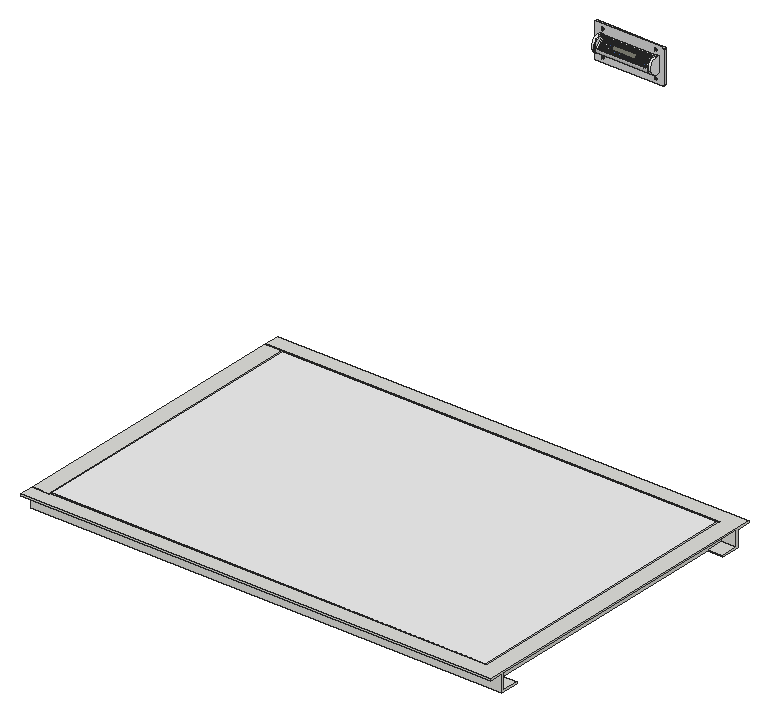
Revit family "Scale-SR_Scales-SR463iR-4", category Specialty Equipment, Revit 2020
Family settings
  Round Connector Dimension = Use Diameter
  Part Type = Normal
  OmniClass Number = 23.40.70.11.14.11
  OmniClass Title = Medical Equipment
  Work Plane-Based = No
  Always vertical = Yes
  Cut with Voids When Loaded = No
  Shared = No
  Room Calculation Point = No
Parameters (values of type "SR463iR-4")
  Wall Plate Center Elevation = 53"
  URL = "http://www.srinstruments.com/"
  Show Printer = no
  Show Handrail = no
  Frame Distance to Wall = 12"  # constant formula
  Product Page URL = "https://srinstruments.com/scales/SR463iR4"
  Power Supply = "110v AC, 50 - 60 Hz"  # constant formula
  Platform Width = 71 1/2"
  Platform Size = "48'' x 72'' (122 cm x 183 cm)"  # constant formula
  Platform Depth = 47 1/2"
  Pit Depth = 3"
  Model = "SR463iR-4"
  Maximum Weight Capacity = "1000 lbs or 454 kg"  # constant formula
  Manufacturer Phone Number = "1.800.654.6360"  # constant formula
  Manufacturer Email Contact = "mailto:info-request@srinstruments.com?Subject=Revit Inquiry"
  Manufacturer Address 1 = "600 Young Street"  # constant formula
  Manufacturer Address  2 = "Tonawanda, NY 14150"  # constant formula
  Manufacturer = "SR Scales by SR Instruments, Inc."
  Display Type = "16-Character Dot-Matrix LCD"  # constant formula
  Display Resolution = "0.1 lb / 0.1 kg"  # constant formula
  Description = "48\" x 72\" In-Floor Platform Scale"
  Default Elevation = 0"
  Creator URL = "http://www.revituspro.com/"
  Created By = "Revitus"  # constant formula
  Copyright Notice = "© SR Instruments, Inc.  All Rights Reserved."  # constant formula
  Control Panel Offset from Center = 12"
  Calibration = "Traceable to NIST Standards"  # constant formula
  BIM Version Available (Earliest) = "2017"  # constant formula
  BIM Version = "v3.1"  # constant formula
  Averaging = "Automatic Digital Filter"  # constant formula
  Auto Zero = "One Button Auto-Tare"  # constant formula
  Auto Power Down = "30 to 300 Seconds"  # constant formula
  Assembly Code = "E1020810"
Types (5): name | Show Printer | Show Handrail | Model | Description
  (no name) | no | no | "SR463iR-4" | "48\" x 72\" In-Floor Platform Scale"
  SR463iR-4 | no | no | "SR463iR-4" | "48\" x 72\" In-Floor Platform Scale"
  SR463iR-4P | yes | no | "SR463iR-4P" | "48\" x 72\" In-Floor Platform Scale with Printer"
  SR463iR-4H | no | yes | "SR463iR-4H" | "48\" x 72\" In-Floor Platform Scale with Handrail"
  SR463iR-4PH | yes | yes | "SR463iR-4PH" | "48\" x 72\" In-Floor Platform Scale with Printer and Handrail"
Reference planes (in)
  plane 1 "Face of Wall": y = 0
  plane 2: z = 0
  plane 3 "Center (Left/Right)": x = 0
  plane 4 "Platform - Left": x = -35.75
  plane 5 "Platform - Right": x = 35.75
  plane 6 "Platform - Front": y = -59.5
  plane 7 "Platform - Back": y = -12
  plane 8 "Top": z = 33.625
  plane 9 "Left": x = -38.75
  plane 10 "Right": x = 38.75
  plane 11 "Frame - Front": y = -62.25
  plane 12 "Frame - Bottom": z = -2.75
  plane 13 "Platform - Top": z = 0.25
  plane 14 "Frame Front Rail - Back": y = -57
  plane 15: y = -59.75
  plane 16: z = -2.5
  plane 17: y = -60
  plane 18: y = -9.25
  plane 19: y = -14.5
  plane 20: y = -11.75
  plane 21: y = -11.5
  plane 22 "Platform - Bottom": z = -0.75
  plane 23: x = -36.25
  plane 24: x = -36
  plane 25: x = -33.25
  plane 26: x = 36.25
  plane 27: x = 36
  plane 28: x = 33.25
  plane 29 "Handrail - Left": x = -33.875
  plane 30 "Handrail - Right": x = 33.875
  plane 31 "Handrail Centerline (Front/Back)": y = -13.25
  plane 32: x = 12
  plane 33: x = -32.375
  plane 34: x = -35.375
  plane 35: x = 32.375
  plane 36: x = 35.375
  plane 37 "Handrail Floor Plate - Top": z = 0.5
  plane 38: y = -12.125
  plane 39: y = -14.375
Forms (in)
  Extrusion 1, solid, material "SR Scales - Platform", detail levels medium+fine
    sketch origin (0, 0, 0) x (1, 0, 0) y (0, 0, 1)
      loop
        line (-35.75, 0.25) -> (-35.75, -0.75) -> (35.75, -0.75) -> (35.75, 0.25) -> (-35.75, 0.25)
    from 12 to 59.5
  Extrusion 2, solid, material "SR Scales - Frame", detail levels medium+fine
    sketch origin (0, 0, 0) x (1, 0, 0) y (0, 0, 1)
      loop
        line (-38.75, 0.25) -> (-38.75, 0) -> (-36.25, 0) -> (-36.25, -2.75) -> (-33.25, -2.75) -> (-33.25, -2.5) -> (-36, -2.5) -> (-36, 0.25) -> (-38.75, 0.25)
    from 11.75 to 59.75
  Extrusion 3, solid, material "SR Scales - Frame", detail levels medium+fine
    sketch origin (0, 0, 0) x (0, 1, 0) y (0, 0, 1)
      loop
        line (-62.25, 0) -> (-60, 0) -> (-60, -2.75) -> (-57, -2.75) -> (-57, -2.5) -> (-59.75, -2.5) -> (-59.75, 0.25) -> (-62.25, 0.25) -> (-62.25, 0)
    from -38.75 to 38.75
  Extrusion 4, solid, material "SR Scales - Frame", detail levels medium+fine
    sketch origin (0, -44, 0) x (0, -1, 0) y (0, 0, -1)
      loop
        line (-34.75, 0) -> (-34.75, -0.25) -> (-32.25, -0.25) -> (-32.25, 2.5) -> (-29.5, 2.5) -> (-29.5, 2.75) -> (-32.5, 2.75) -> (-32.5, 0) -> (-34.75, 0)
    from -38.75 to 38.75
  Extrusion 5, solid, material "SR Scales - Frame", detail levels medium+fine
    sketch origin (0, 0, 0) x (-1, 0, 0) y (0, 0, -1)
      loop
        line (-38.75, -0.25) -> (-36, -0.25) -> (-36, 2.5) -> (-33.25, 2.5) -> (-33.25, 2.75) -> (-36.25, 2.75) -> (-36.25, 0) -> (-38.75, 0) -> (-38.75, -0.25)
    from 11.75 to 59.75
  Sweep 6, solid, material "SR Scales - Handrail", visible <- "Show Handrail"
    path origin (0, -13.25, 0) x (-1, 0, 0) y (0, 0, 1)
      loop
        line (-33.875, 0.25) -> (-33.875, 27.625)
        arc (-33.875, 27.625) -> (-32.11764, 31.86764) -> (-27.875, 33.625) r 6
        line (-27.875, 33.625) -> (27.875, 33.625)
        arc (27.875, 33.625) -> (32.11764, 31.86764) -> (33.875, 27.625) r 6
        line (33.875, 27.625) -> (33.875, 0.25)
    profile origin (-33.875, -13.25, 13.9375) x (0, 1, 0) y (-1, 0, 0)
      loop
        circle (0, 0) r 0.625
  Extrusion 7, solid, material "SR Scales - Handrail", visible <- "Show Handrail", detail levels medium+fine
    sketch origin (0, 0, 0) x (1, 0, 0) y (0, 1, 0)
      loop
        line (-35.375, -12.125) -> (-35.375, -14.375) -> (-32.375, -14.375) -> (-32.375, -12.125) -> (-35.375, -12.125)
      loop
        line (32.375, -12.125) -> (32.375, -14.375) -> (35.375, -14.375) -> (35.375, -12.125) -> (32.375, -12.125)
    from 0.25 to 0.5
  Extrusion 8, solid, material "SR Scales - Platform", detail levels coarse
    sketch origin (0, 0, 0) x (1, 0, 0) y (0, 1, 0)
      loop
        line (-38.75, -9.25) -> (-38.75, -62.25) -> (38.75, -62.25) -> (38.75, -9.25) -> (-38.75, -9.25)
    from -2.75 to 0.25
Cuts and joins
  joined: Extrusion 3, Extrusion 4, Extrusion 5
Lines and regions (in)
  model lines, style "Scale - Platform", detail levels coarse
    curve 1: line (-35.75, -12, 0.25) -> (-35.75, -59.5, 0.25)
    curve 2: line (-35.75, -12, 0.25) -> (35.75, -12, 0.25)
    curve 3: line (-35.75, -59.5, 0.25) -> (35.75, -59.5, 0.25)
    curve 4: line (35.75, -12, 0.25) -> (35.75, -59.5, 0.25)
Dimensions and locks (in)
  equal spacing: plane 4 "Platform - Left", plane 3 "Center (Left/Right)", plane 5 "Platform - Right"
  "Platform Width": plane 4 "Platform - Left" to plane 5 "Platform - Right"
  "Platform Depth": plane 6 "Platform - Front" to plane 7 "Platform - Back"
  plane 8 "Top" to plane 13 "Platform - Top" = 33 3/8"
  plane 25 to plane 4 "Platform - Left" to plane 24 to plane 9 "Left" = 2 1/2" locked, 1/4" locked, 2 3/4" locked
  plane 11 "Frame - Front" to plane 15 to plane 6 "Platform - Front" to plane 14 "Frame Front Rail - Back" = 2 1/2" locked, 1/4" locked, 2 1/2" locked
  locked: plane 13 "Platform - Top" to plane 2 at 0.25
  "Pit Depth": plane 13 "Platform - Top" to plane 12 "Frame - Bottom"
  locked: plane 16 to plane 12 "Frame - Bottom" at 0.25
  locked: plane 17 to plane 15 at 0.25
  plane 18 to plane 20 to plane 7 "Platform - Back" to plane 19 = 2 1/2" locked, 1/4" locked, 2 1/2" locked
  locked: plane 21 to plane 20 at 0.25
  locked: plane 13 "Platform - Top" to plane 22 "Platform - Bottom" at 1
  locked: plane 24 to plane 23 at 0.25
  plane 28 to plane 5 "Platform - Right" to plane 27 to plane 10 "Right" = 2 1/2" locked, 1/4" locked, 2 3/4" locked
  locked: plane 27 to plane 26 at 0.25
  locked: plane 29 "Handrail - Left" to plane 4 "Platform - Left" at 1.875
  locked: plane 30 "Handrail - Right" to plane 5 "Platform - Right" at 1.875
  locked: plane 7 "Platform - Back" to plane 31 "Handrail Centerline (Front/Back)" at 1.25
  "Frame Distance to Wall": plane 7 "Platform - Back" to plane 1 "Face of Wall"
  "Control Panel Offset from Center": plane 32 to plane 3 "Center (Left/Right)"
  plane 34 to plane 29 "Handrail - Left" to plane 33 = 1 1/2" locked, 1 1/2" locked
  plane 36 to plane 30 "Handrail - Right" to plane 35 = 1 1/2" locked, 1 1/2" locked
  locked: plane 37 "Handrail Floor Plate - Top" to plane 13 "Platform - Top" at 0.25
  plane 38 to plane 31 "Handrail Centerline (Front/Back)" to plane 39 = 1 1/8" locked, 1 1/8" locked
  radius of Sweep 6 sketch curve = 6"  (x2)
  aligned and locked: level to plane 2
  aligned and locked: Extrusion 1 to plane 6 "Platform - Front"
  aligned and locked: plane 7 "Platform - Back" to Extrusion 1
  aligned and locked: Extrusion 3 to plane 10 "Right"
  aligned and locked: plane 9 "Left" to Extrusion 3
  aligned and locked: Extrusion 3 sketch curve to plane 11 "Frame - Front"
  aligned and locked: Extrusion 3 sketch curve to plane 13 "Platform - Top"
  aligned and locked: Extrusion 3 sketch curve to level
  aligned and locked: Extrusion 3 sketch curve to plane 17
  aligned and locked: Extrusion 3 sketch curve to plane 15
  aligned and locked: Extrusion 3 sketch curve to plane 16
  aligned and locked: Extrusion 3 sketch curve to plane 12 "Frame - Bottom"
  aligned and locked: Extrusion 3 sketch curve to plane 14 "Frame Front Rail - Back"
  aligned and locked: plane 18 to Extrusion 4 sketch curve
  aligned and locked: plane 21 to Extrusion 4 sketch curve
  aligned and locked: plane 20 to Extrusion 4 sketch curve
  aligned and locked: plane 19 to Extrusion 4 sketch curve
  aligned and locked: Extrusion 1 to plane 22 "Platform - Bottom"
  aligned and locked: plane 13 "Platform - Top" to Extrusion 1
  aligned and locked: Extrusion 1 sketch curve to plane 4 "Platform - Left"
  aligned and locked: plane 5 "Platform - Right" to Extrusion 1 sketch curve
  aligned and locked: Extrusion 4 to plane 9 "Left"
  aligned and locked: Extrusion 4 to plane 10 "Right"
  aligned and locked: Extrusion 2 sketch curve to plane 9 "Left"
  aligned and locked: Extrusion 2 sketch curve to plane 13 "Platform - Top"
  aligned and locked: Extrusion 2 sketch curve to level
  aligned and locked: Extrusion 2 sketch curve to plane 16
  aligned and locked: Extrusion 2 sketch curve to plane 12 "Frame - Bottom"
  aligned and locked: Extrusion 2 sketch curve to plane 24
  aligned and locked: Extrusion 2 sketch curve to plane 23
  aligned and locked: Extrusion 2 sketch curve to plane 25
  aligned and locked: Extrusion 2 to plane 15
  aligned and locked: plane 20 to Extrusion 2
  aligned and locked: plane 27 to Extrusion 5 sketch curve
  aligned and locked: plane 26 to Extrusion 5 sketch curve
  aligned and locked: plane 28 to Extrusion 5 sketch curve
  aligned and locked: Extrusion 5 to plane 20
  aligned and locked: plane 15 to Extrusion 5
  aligned and locked: plane 10 "Right" to Extrusion 5 sketch curve
  aligned and locked: plane 13 "Platform - Top" to Extrusion 5 sketch curve
  aligned and locked: level to Extrusion 5 sketch curve
  aligned and locked: plane 12 "Frame - Bottom" to Extrusion 5 sketch curve
  aligned and locked: plane 16 to Extrusion 5 sketch curve
  aligned and locked: plane 32 to nested 1
  aligned and locked: plane 1 "Face of Wall" to nested 1
  aligned and locked: plane 29 "Handrail - Left" to Sweep 6 sketch curve
  aligned and locked: plane 8 "Top" to Sweep 6 sketch curve
  aligned and locked: Sweep 6 sketch curve to plane 30 "Handrail - Right"
  aligned and locked: plane 13 "Platform - Top" to Sweep 6 sketch curve  (x2)
  aligned and locked: Extrusion 7 to plane 13 "Platform - Top"
  aligned and locked: Extrusion 7 to plane 37 "Handrail Floor Plate - Top"
  aligned and locked: Extrusion 7 sketch curve to plane 38
  aligned and locked: plane 34 to Extrusion 7 sketch curve
  aligned and locked: Extrusion 7 sketch curve to plane 33
  aligned and locked: Extrusion 7 sketch curve to plane 39
  aligned and locked: plane 38 to Extrusion 7 sketch curve
  aligned and locked: plane 39 to Extrusion 7 sketch curve
  aligned and locked: plane 35 to Extrusion 7 sketch curve
  aligned and locked: Extrusion 7 sketch curve to plane 36
  aligned and locked: Extrusion 8 sketch curve to plane 9 "Left"
  aligned and locked: Extrusion 8 sketch curve to plane 18
  aligned and locked: plane 10 "Right" to Extrusion 8 sketch curve
  aligned and locked: Extrusion 8 sketch curve to plane 11 "Frame - Front"
  aligned and locked: Extrusion 8 to plane 12 "Frame - Bottom"
  aligned and locked: plane 13 "Platform - Top" to Extrusion 8
  aligned and locked: curve 1 to plane 4 "Platform - Left"
  aligned and locked: curve 2 to plane 7 "Platform - Back"
  aligned and locked: curve 3 to plane 6 "Platform - Front"
  aligned and locked: plane 5 "Platform - Right" to curve 4
Automatic sketch dimensions
  Extrusion 1 sketch curve to plane 22 "Platform - Bottom" = 0"
  Extrusion 1 sketch curve to plane 13 "Platform - Top" = 0"
  Extrusion 4 sketch curve to plane 12 "Frame - Bottom" = 0"
  Extrusion 4 sketch curve to plane 16 = 0"
  Extrusion 4 sketch curve to level = 0"
  Extrusion 4 sketch curve to plane 13 "Platform - Top" = 0"
  Sweep 6 sketch curve to plane 31 "Handrail Centerline (Front/Back)" = 0"
  Sweep 6 sketch curve to profile plane = 0"
  radius of Sweep 6 sketch curve = 5/8"
Nested families (in)
  nested 1: "Display-Wall_Panel-SR463iR" at (12, 0, 53), built-in parameter 1001364 <- "Wall Plate Center Elevation", type "Display-Wall_Panel-SR463iR"
Definition of nested family "Display-Wall_Panel-SR463iR"
  Parameters (values of type "Display-Wall_Panel-SR463iR")
    Show Printer = no
    No Printer = not(Show Printer)  # yes
    Manufacturer Phone Number = ""
    Manufacturer Email Contact = ""
    Manufacturer Address 1 = ""
    Manufacturer Address  2 = ""
    Default Elevation = 0"
    Creator URL = ""
    Created By = ""
    Copyright Notice = ""
    BIM Version Available (Earliest) = ""
    BIM Version = ""
  Reference planes (in)
    plane 1 "Center (Front/Back)": y = 0
    plane 2: z = 0
    plane 3 "Center (Left/Right)": x = 0
    plane 4: y = -0.25
  Forms (in)
    Extrusion 1, solid, visible <- "Show Printer", detail levels fine
      sketch origin (-31.99871, 3, -32.9043) x (1, 0, 0) y (0, 0, 1)
        loop
          arc (30.12371, 29.9093) -> (30.16178, 29.81737) -> (30.25371, 29.7793) r 0.13
          line (30.25371, 29.7793) -> (33.74371, 29.7793)
          arc (33.74371, 29.7793) -> (33.83563, 29.81737) -> (33.87371, 29.9093) r 0.13
          line (33.87371, 29.9093) -> (33.87371, 34.1493)
          arc (33.87371, 34.1493) -> (33.83563, 34.24122) -> (33.74371, 34.2793) r 0.13
          line (33.74371, 34.2793) -> (30.25371, 34.2793)
          arc (30.25371, 34.2793) -> (30.16178, 34.24122) -> (30.12371, 34.1493) r 0.13
          line (30.12371, 34.1493) -> (30.12371, 29.9093)
        loop
          line (30.56171, 30.0293) -> (33.43571, 30.0293)
          arc (33.43571, 30.0293) -> (33.48025, 30.04775) -> (33.49871, 30.0923) r 0.063
          line (33.49871, 30.0923) -> (33.49871, 32.5913)
          arc (33.49871, 32.5913) -> (33.48025, 32.63584) -> (33.43571, 32.6543) r 0.063
          line (33.43571, 32.6543) -> (33.24871, 32.6543)
          arc (33.24871, 32.6543) -> (33.21209, 32.74268) -> (33.12371, 32.7793) r 0.125
          line (33.12371, 32.7793) -> (30.87371, 32.7793)
          arc (30.87371, 32.7793) -> (30.78532, 32.74268) -> (30.74871, 32.6543) r 0.125
          line (30.74871, 32.6543) -> (30.56171, 32.6543)
          arc (30.56171, 32.6543) -> (30.51716, 32.63584) -> (30.49871, 32.5913) r 0.063
          line (30.49871, 32.5913) -> (30.49871, 30.0923)
          arc (30.49871, 30.0923) -> (30.51716, 30.04775) -> (30.56171, 30.0293) r 0.063
        loop
          line (33.40521, 32.7793) -> (33.59221, 32.7793) -> (33.59221, 33.4693) -> (33.40521, 33.4693) -> (33.40521, 32.7793)
      from 3.25 to 3.375
    Extrusion 2, solid, visible <- "Show Printer", detail levels medium+fine
      sketch origin (0, 3, -32.9043) x (0, 0, -1) y (0, -1, 0)
        loop
          line (-32.3293, 3.375) -> (-32.6043, 3.375) -> (-32.6043, 3.25) -> (-30.0793, 3.25) -> (-30.0793, 3.33642)
          arc (-30.0793, 3.33642) -> (-30.08872, 3.36956) -> (-30.11416, 3.39279) r 0.063
          arc (-30.11416, 3.39279) -> (-30.99803, 3.62272) -> (-31.8993, 3.475) r 2.20628
          arc (-31.8993, 3.475) -> (-32.11073, 3.40966) -> (-32.3293, 3.375) r 1.55486
      from -1.45 to 1.45
    Extrusion 3, void
      sketch origin (-31.99871, 3, -32.9043) x (1, 0, 0) y (0, 0, 1)
        loop
          line (33.24871, 32.6043) -> (30.74871, 32.6043)
          arc (30.74871, 32.6043) -> (30.78532, 32.51591) -> (30.87371, 32.4793) r 0.125
          line (30.87371, 32.4793) -> (33.12371, 32.4793)
          arc (33.12371, 32.4793) -> (33.21209, 32.51591) -> (33.24871, 32.6043) r 0.125
      from 3.25 to 3.375
    Extrusion 4, solid, visible <- "Show Printer", detail levels coarse+medium
      sketch origin (-31.99871, 3, -32.9043) x (1, 0, 0) y (0, 0, 1)
        loop
          line (30.24871, 29.7793) -> (33.74871, 29.7793)
          arc (33.74871, 29.7793) -> (33.83709, 29.81591) -> (33.87371, 29.9043) r 0.125
          line (33.87371, 29.9043) -> (33.87371, 34.1543)
          arc (33.87371, 34.1543) -> (33.83709, 34.24268) -> (33.74871, 34.2793) r 0.125
          line (33.74871, 34.2793) -> (30.24871, 34.2793)
          arc (30.24871, 34.2793) -> (30.16032, 34.24268) -> (30.12371, 34.1543) r 0.125
          line (30.12371, 34.1543) -> (30.12371, 29.9043)
          arc (30.12371, 29.9043) -> (30.16032, 29.81591) -> (30.24871, 29.7793) r 0.125
      from 3.25 to 3.375
    Extrusion 5, solid, visible <- "Show Printer"
      sketch origin (0, 0, -53) x (1, 0, 0) y (0, 0, 1)
        loop
          line (-5.75, 58.5) -> (-5.75, 49.125)
          arc (-5.75, 49.125) -> (-5.67678, 48.94822) -> (-5.5, 48.875) r 0.25
          line (-5.5, 48.875) -> (5.5, 48.875)
          arc (5.5, 48.875) -> (5.67678, 48.94822) -> (5.75, 49.125) r 0.25
          line (5.75, 49.125) -> (5.75, 58.5)
          arc (5.75, 58.5) -> (5.67678, 58.67678) -> (5.5, 58.75) r 0.25
          line (5.5, 58.75) -> (-5.5, 58.75)
          arc (-5.5, 58.75) -> (-5.67678, 58.67678) -> (-5.75, 58.5) r 0.25
        loop
          circle (-4.375, 49.625) r 0.25
        loop
          circle (4.375, 49.625) r 0.25
        loop
          circle (-4.375, 58) r 0.25
        loop
          circle (4.375, 58) r 0.25
      from 0 to 0.25
    Extrusion 6, solid
      sketch origin (0, 0, -52.8012) x (0, 1, 0) y (0, 0, 1)
        loop
          arc (-0.75, 57.0512) -> (-2, 55.8012) -> (-0.75, 54.5512) r 1.25
          line (-0.75, 54.5512) -> (-0.375, 54.5512)
          arc (-0.375, 54.5512) -> (-0.28661, 54.58781) -> (-0.25, 54.6762) r 0.125
          line (-0.25, 54.6762) -> (-0.25, 56.9262)
          arc (-0.25, 56.9262) -> (-0.28661, 57.01459) -> (-0.375, 57.0512) r 0.125
          line (-0.375, 57.0512) -> (-0.75, 57.0512)
      from -4.25 to 4.375
    Extrusion 7, void
      sketch origin (0, 0, -56.3012) x (0, 1, 0) y (0, 0, 1)
        loop
          line (-1.86474, 59.1797) -> (-0.6273, 60.41714) -> (-0.71569, 60.50552) -> (-0.68832, 60.53289)
          arc (-0.68832, 60.53289) -> (-0.66804, 60.54644) -> (-0.64413, 60.5512) r 0.0625
          line (-0.64413, 60.5512) -> (-0.5, 60.5512) -> (-0.5, 60.8012) -> (-0.75, 60.8012)
          arc (-0.75, 60.8012) -> (-1.88001, 60.28764) -> (-2.23626, 59.09862) r 1.5
          line (-2.23626, 59.09862) -> (-1.98348, 59.09862)
          arc (-1.98348, 59.09862) -> (-1.99211, 59.16094) -> (-1.99759, 59.22362) r 1.25
          line (-1.99759, 59.22362) -> (-1.95312, 59.26809) -> (-1.86474, 59.1797)
      from -4.25 to 4.24871
    Extrusion 8, solid, detail levels medium+fine
      sketch origin (0, 0, -52.8012) x (0, 1, 0) y (0, 0, 1)
        loop
          arc (-0.75, 57.0512) -> (-2, 55.8012) -> (-0.75, 54.5512) r 1.25
          line (-0.75, 54.5512) -> (-0.375, 54.5512)
          arc (-0.375, 54.5512) -> (-0.28661, 54.58781) -> (-0.25, 54.6762) r 0.125
          line (-0.25, 54.6762) -> (-0.25, 56.9262)
          arc (-0.25, 56.9262) -> (-0.28661, 57.01459) -> (-0.375, 57.0512) r 0.125
          line (-0.375, 57.0512) -> (-0.75, 57.0512)
      from -4.875 to -4.5
    Extrusion 9, solid
      sketch origin (0.5, 0, -52.8012) x (0, 1, 0) y (0, 0, 1)
        loop
          arc (-0.75, 57.0512) -> (-2, 55.8012) -> (-0.75, 54.5512) r 1.25
          line (-0.75, 54.5512) -> (-0.375, 54.5512)
          arc (-0.375, 54.5512) -> (-0.28661, 54.58781) -> (-0.25, 54.6762) r 0.125
          line (-0.25, 54.6762) -> (-0.25, 56.9262)
          arc (-0.25, 56.9262) -> (-0.28661, 57.01459) -> (-0.375, 57.0512) r 0.125
          line (-0.375, 57.0512) -> (-0.75, 57.0512)
      from -4.875 to -4.75
    Extrusion 10, solid, detail levels medium+fine
      sketch origin (0, 0, -52.8012) x (0, 1, 0) y (0, 0, -1)
        loop
          line (-0.75, -57.0512) -> (-0.375, -57.0512)
          arc (-0.375, -57.0512) -> (-0.28661, -57.01459) -> (-0.25, -56.9262) r 0.125
          line (-0.25, -56.9262) -> (-0.25, -54.6762)
          arc (-0.25, -54.6762) -> (-0.28661, -54.58781) -> (-0.375, -54.5512) r 0.125
          line (-0.375, -54.5512) -> (-0.75, -54.5512)
          arc (-0.75, -54.5512) -> (-2, -55.8012) -> (-0.75, -57.0512) r 1.25
      from -4.875 to -4.5
    Extrusion 11, solid
      sketch origin (-0.5, 0, -52.8012) x (0, 1, 0) y (0, 0, -1)
        loop
          line (-0.75, -57.0512) -> (-0.375, -57.0512)
          arc (-0.375, -57.0512) -> (-0.28661, -57.01459) -> (-0.25, -56.9262) r 0.125
          line (-0.25, -56.9262) -> (-0.25, -54.6762)
          arc (-0.25, -54.6762) -> (-0.28661, -54.58781) -> (-0.375, -54.5512) r 0.125
          line (-0.375, -54.5512) -> (-0.75, -54.5512)
          arc (-0.75, -54.5512) -> (-2, -55.8012) -> (-0.75, -57.0512) r 1.25
      from -4.875 to -4.75
    Extrusion 12, solid, visible <- "Show Printer", detail levels fine
      sketch origin (0, 0, -51.625) x (0, 1, 0) y (0, 0, 1)
        loop
          line (-0.25, 51.53125) -> (-0.25, 52.17166) -> (-0.34058, 52.17166)
          arc (-0.34058, 52.17166) -> (-0.37145, 52.1635) -> (-0.39427, 52.14116) r 0.0625
          arc (-0.39427, 52.14116) -> (-0.47618, 51.93492) -> (-0.48926, 51.71338) r 0.69841
          arc (-0.48926, 51.71338) -> (-0.45912, 51.61847) -> (-0.39334, 51.54371) r 0.2423
          arc (-0.39334, 51.54371) -> (-0.37563, 51.53445) -> (-0.3559, 51.53125) r 0.0625
          line (-0.3559, 51.53125) -> (-0.25, 51.53125)
      from 1.4375 to 1.5625
    Extrusion 13, solid, visible <- "Show Printer", detail levels fine
      sketch origin (0, 0, 0) x (1, 0, 0) y (0, 0, 1)
        loop
          circle (-4.375, 5) r 0.1875
        loop
          circle (4.375, 5) r 0.1875
        loop
          circle (-4.375, -3.375) r 0.1875
        loop
          circle (4.375, -3.375) r 0.1875
      from 0 to 0.1875
    Extrusion 14, solid, detail levels medium+fine
      sketch origin (9.65958, -0.24913, 4.49411) x (-1, 0, 0) y (0, -0.707107, -0.707107)
        loop
          line (13.90958, 0.65981) -> (13.90958, 2.15981)
          arc (13.90958, 2.15981) -> (13.87296, 2.2482) -> (13.78458, 2.28481) r 0.125
          line (13.78458, 2.28481) -> (5.53458, 2.28481)
          arc (5.53458, 2.28481) -> (5.44619, 2.2482) -> (5.40958, 2.15981) r 0.125
          line (5.40958, 2.15981) -> (5.40958, 0.65981)
          arc (5.40958, 0.65981) -> (5.44619, 0.57142) -> (5.53458, 0.53481) r 0.125
          line (5.53458, 0.53481) -> (13.78458, 0.53481)
          arc (13.78458, 0.53481) -> (13.87296, 0.57142) -> (13.90958, 0.65981) r 0.125
        loop
          line (13.53458, 0.72231) -> (13.53458, 2.09731)
          arc (13.53458, 2.09731) -> (13.51627, 2.14151) -> (13.47208, 2.15981) r 0.0625
          line (13.47208, 2.15981) -> (5.84837, 2.15981)
          arc (5.84837, 2.15981) -> (5.80418, 2.14151) -> (5.78587, 2.09731) r 0.0625
          line (5.78587, 2.09731) -> (5.78587, 0.72231)
          arc (5.78587, 0.72231) -> (5.80418, 0.67812) -> (5.84837, 0.65981) r 0.0625
          line (5.84837, 0.65981) -> (13.47208, 0.65981)
          arc (13.47208, 0.65981) -> (13.51627, 0.67812) -> (13.53458, 0.72231) r 0.0625
      from 0 to 0.125
    Extrusion 15, solid, detail levels medium+fine
      sketch origin (8.28587, -6.87826, -2.13502) x (-1, 0, 0) y (0, -0.707107, -0.707107)
        loop
          line (6.28587, -7.59019) -> (6.28587, -8.34019) -> (10.28587, -8.34019) -> (10.28587, -7.59019) -> (6.28587, -7.59019)
      from 0 to 0.125
    Extrusion 16, solid, detail levels medium+fine
      sketch origin (8.28587, -4.72754, 0.0157) x (-1, 0, 0) y (0, -0.707107, -0.707107)
        loop
          arc (6.28587, -4.29861) -> (6.19748, -4.33522) -> (6.16087, -4.42361) r 0.125
          line (6.16087, -4.42361) -> (6.16087, -5.29861)
          arc (6.16087, -5.29861) -> (6.19748, -5.387) -> (6.28587, -5.42361) r 0.125
          line (6.28587, -5.42361) -> (10.28587, -5.42361)
          arc (10.28587, -5.42361) -> (10.37426, -5.387) -> (10.41087, -5.29861) r 0.125
          line (10.41087, -5.29861) -> (10.41087, -4.42361)
          arc (10.41087, -4.42361) -> (10.37426, -4.33522) -> (10.28587, -4.29861) r 0.125
          line (10.28587, -4.29861) -> (6.28587, -4.29861)
        loop
          line (6.28587, -4.54861) -> (6.28587, -5.29861) -> (10.28587, -5.29861) -> (10.28587, -4.54861) -> (6.28587, -4.54861)
        loop
          arc (4.75462, -4.36111) -> (4.68833, -4.38857) -> (4.66087, -4.45486) r 0.09375
          line (4.66087, -4.45486) -> (4.66087, -4.76736)
          arc (4.66087, -4.76736) -> (4.68833, -4.83365) -> (4.75462, -4.86111) r 0.09375
          line (4.75462, -4.86111) -> (5.06712, -4.86111)
          arc (5.06712, -4.86111) -> (5.13341, -4.83365) -> (5.16087, -4.76736) r 0.09375
          line (5.16087, -4.76736) -> (5.16087, -4.45486)
          arc (5.16087, -4.45486) -> (5.13341, -4.38857) -> (5.06712, -4.36111) r 0.09375
          line (5.06712, -4.36111) -> (4.75462, -4.36111)
        loop
          line (5.06712, -4.42361) -> (4.75462, -4.42361)
          arc (4.75462, -4.42361) -> (4.73252, -4.43276) -> (4.72337, -4.45486) r 0.03125
          line (4.72337, -4.45486) -> (4.72337, -4.76736)
          arc (4.72337, -4.76736) -> (4.73252, -4.78946) -> (4.75462, -4.79861) r 0.03125
          line (4.75462, -4.79861) -> (5.06712, -4.79861)
          arc (5.06712, -4.79861) -> (5.08922, -4.78946) -> (5.09837, -4.76736) r 0.03125
          line (5.09837, -4.76736) -> (5.09837, -4.45486)
          arc (5.09837, -4.45486) -> (5.08922, -4.43276) -> (5.06712, -4.42361) r 0.03125
        loop
          arc (5.50462, -4.36111) -> (5.43833, -4.38857) -> (5.41087, -4.45486) r 0.09375
          line (5.41087, -4.45486) -> (5.41087, -4.76736)
          arc (5.41087, -4.76736) -> (5.43833, -4.83365) -> (5.50462, -4.86111) r 0.09375
          line (5.50462, -4.86111) -> (5.81712, -4.86111)
          arc (5.81712, -4.86111) -> (5.88341, -4.83365) -> (5.91087, -4.76736) r 0.09375
          line (5.91087, -4.76736) -> (5.91087, -4.45486)
          arc (5.91087, -4.45486) -> (5.88341, -4.38857) -> (5.81712, -4.36111) r 0.09375
          line (5.81712, -4.36111) -> (5.50462, -4.36111)
        loop
          line (5.81712, -4.42361) -> (5.50462, -4.42361)
          arc (5.50462, -4.42361) -> (5.48252, -4.43276) -> (5.47337, -4.45486) r 0.03125
          line (5.47337, -4.45486) -> (5.47337, -4.76736)
          arc (5.47337, -4.76736) -> (5.48252, -4.78946) -> (5.50462, -4.79861) r 0.03125
          line (5.50462, -4.79861) -> (5.81712, -4.79861)
          arc (5.81712, -4.79861) -> (5.83922, -4.78946) -> (5.84837, -4.76736) r 0.03125
          line (5.84837, -4.76736) -> (5.84837, -4.45486)
          arc (5.84837, -4.45486) -> (5.83922, -4.43276) -> (5.81712, -4.42361) r 0.03125
        loop
          arc (5.50462, -4.98611) -> (5.43833, -5.01357) -> (5.41087, -5.07986) r 0.09375
          line (5.41087, -5.07986) -> (5.41087, -5.39236)
          arc (5.41087, -5.39236) -> (5.43833, -5.45865) -> (5.50462, -5.48611) r 0.09375
          line (5.50462, -5.48611) -> (5.81712, -5.48611)
          arc (5.81712, -5.48611) -> (5.88341, -5.45865) -> (5.91087, -5.39236) r 0.09375
          line (5.91087, -5.39236) -> (5.91087, -5.07986)
          arc (5.91087, -5.07986) -> (5.88341, -5.01357) -> (5.81712, -4.98611) r 0.09375
          line (5.81712, -4.98611) -> (5.50462, -4.98611)
        loop
          line (5.81712, -5.04861) -> (5.50462, -5.04861)
          arc (5.50462, -5.04861) -> (5.48252, -5.05776) -> (5.47337, -5.07986) r 0.03125
          line (5.47337, -5.07986) -> (5.47337, -5.39236)
          arc (5.47337, -5.39236) -> (5.48252, -5.41446) -> (5.50462, -5.42361) r 0.03125
          line (5.50462, -5.42361) -> (5.81712, -5.42361)
          arc (5.81712, -5.42361) -> (5.83922, -5.41446) -> (5.84837, -5.39236) r 0.03125
          line (5.84837, -5.39236) -> (5.84837, -5.07986)
          arc (5.84837, -5.07986) -> (5.83922, -5.05776) -> (5.81712, -5.04861) r 0.03125
        loop
          arc (4.75462, -4.98611) -> (4.68833, -5.01357) -> (4.66087, -5.07986) r 0.09375
          line (4.66087, -5.07986) -> (4.66087, -5.39236)
          arc (4.66087, -5.39236) -> (4.68833, -5.45865) -> (4.75462, -5.48611) r 0.09375
          line (4.75462, -5.48611) -> (5.06712, -5.48611)
          arc (5.06712, -5.48611) -> (5.13341, -5.45865) -> (5.16087, -5.39236) r 0.09375
          line (5.16087, -5.39236) -> (5.16087, -5.07986)
          arc (5.16087, -5.07986) -> (5.13341, -5.01357) -> (5.06712, -4.98611) r 0.09375
          line (5.06712, -4.98611) -> (4.75462, -4.98611)
        loop
          line (5.06712, -5.04861) -> (4.75462, -5.04861)
          arc (4.75462, -5.04861) -> (4.73252, -5.05776) -> (4.72337, -5.07986) r 0.03125
          line (4.72337, -5.07986) -> (4.72337, -5.39236)
          arc (4.72337, -5.39236) -> (4.73252, -5.41446) -> (4.75462, -5.42361) r 0.03125
          line (4.75462, -5.42361) -> (5.06712, -5.42361)
          arc (5.06712, -5.42361) -> (5.08922, -5.41446) -> (5.09837, -5.39236) r 0.03125
          line (5.09837, -5.39236) -> (5.09837, -5.07986)
          arc (5.09837, -5.07986) -> (5.08922, -5.05776) -> (5.06712, -5.04861) r 0.03125
        loop
          line (11.81712, -4.36111) -> (11.50462, -4.36111)
          arc (11.50462, -4.36111) -> (11.43833, -4.38857) -> (11.41087, -4.45486) r 0.09375
          line (11.41087, -4.45486) -> (11.41087, -4.76736)
          arc (11.41087, -4.76736) -> (11.43833, -4.83365) -> (11.50462, -4.86111) r 0.09375
          line (11.50462, -4.86111) -> (11.81712, -4.86111)
          arc (11.81712, -4.86111) -> (11.88341, -4.83365) -> (11.91087, -4.76736) r 0.09375
          line (11.91087, -4.76736) -> (11.91087, -4.45486)
          arc (11.91087, -4.45486) -> (11.88341, -4.38857) -> (11.81712, -4.36111) r 0.09375
        loop
          arc (11.50462, -4.42361) -> (11.48252, -4.43276) -> (11.47337, -4.45486) r 0.03125
          line (11.47337, -4.45486) -> (11.47337, -4.76736)
          arc (11.47337, -4.76736) -> (11.48252, -4.78946) -> (11.50462, -4.79861) r 0.03125
          line (11.50462, -4.79861) -> (11.81712, -4.79861)
          arc (11.81712, -4.79861) -> (11.83922, -4.78946) -> (11.84837, -4.76736) r 0.03125
          line (11.84837, -4.76736) -> (11.84837, -4.45486)
          arc (11.84837, -4.45486) -> (11.83922, -4.43276) -> (11.81712, -4.42361) r 0.03125
          line (11.81712, -4.42361) -> (11.50462, -4.42361)
        loop
          line (11.06712, -4.36111) -> (10.75462, -4.36111)
          arc (10.75462, -4.36111) -> (10.68833, -4.38857) -> (10.66087, -4.45486) r 0.09375
          line (10.66087, -4.45486) -> (10.66087, -4.76736)
          arc (10.66087, -4.76736) -> (10.68833, -4.83365) -> (10.75462, -4.86111) r 0.09375
          line (10.75462, -4.86111) -> (11.06712, -4.86111)
          arc (11.06712, -4.86111) -> (11.13341, -4.83365) -> (11.16087, -4.76736) r 0.09375
          line (11.16087, -4.76736) -> (11.16087, -4.45486)
          arc (11.16087, -4.45486) -> (11.13341, -4.38857) -> (11.06712, -4.36111) r 0.09375
        loop
          arc (10.75462, -4.42361) -> (10.73252, -4.43276) -> (10.72337, -4.45486) r 0.03125
          line (10.72337, -4.45486) -> (10.72337, -4.76736)
          arc (10.72337, -4.76736) -> (10.73252, -4.78946) -> (10.75462, -4.79861) r 0.03125
          line (10.75462, -4.79861) -> (11.06712, -4.79861)
          arc (11.06712, -4.79861) -> (11.08922, -4.78946) -> (11.09837, -4.76736) r 0.03125
          line (11.09837, -4.76736) -> (11.09837, -4.45486)
          arc (11.09837, -4.45486) -> (11.08922, -4.43276) -> (11.06712, -4.42361) r 0.03125
          line (11.06712, -4.42361) -> (10.75462, -4.42361)
        loop
          line (11.06712, -4.98611) -> (10.75462, -4.98611)
          arc (10.75462, -4.98611) -> (10.68833, -5.01357) -> (10.66087, -5.07986) r 0.09375
          line (10.66087, -5.07986) -> (10.66087, -5.39236)
          arc (10.66087, -5.39236) -> (10.68833, -5.45865) -> (10.75462, -5.48611) r 0.09375
          line (10.75462, -5.48611) -> (11.06712, -5.48611)
          arc (11.06712, -5.48611) -> (11.13341, -5.45865) -> (11.16087, -5.39236) r 0.09375
          line (11.16087, -5.39236) -> (11.16087, -5.07986)
          arc (11.16087, -5.07986) -> (11.13341, -5.01357) -> (11.06712, -4.98611) r 0.09375
        loop
          arc (10.75462, -5.04861) -> (10.73252, -5.05776) -> (10.72337, -5.07986) r 0.03125
          line (10.72337, -5.07986) -> (10.72337, -5.39236)
          arc (10.72337, -5.39236) -> (10.73252, -5.41446) -> (10.75462, -5.42361) r 0.03125
          line (10.75462, -5.42361) -> (11.06712, -5.42361)
          arc (11.06712, -5.42361) -> (11.08922, -5.41446) -> (11.09837, -5.39236) r 0.03125
          line (11.09837, -5.39236) -> (11.09837, -5.07986)
          arc (11.09837, -5.07986) -> (11.08922, -5.05776) -> (11.06712, -5.04861) r 0.03125
          line (11.06712, -5.04861) -> (10.75462, -5.04861)
        loop
          line (11.81712, -4.98611) -> (11.50462, -4.98611)
          arc (11.50462, -4.98611) -> (11.43833, -5.01357) -> (11.41087, -5.07986) r 0.09375
          line (11.41087, -5.07986) -> (11.41087, -5.39236)
          arc (11.41087, -5.39236) -> (11.43833, -5.45865) -> (11.50462, -5.48611) r 0.09375
          line (11.50462, -5.48611) -> (11.81712, -5.48611)
          arc (11.81712, -5.48611) -> (11.88341, -5.45865) -> (11.91087, -5.39236) r 0.09375
          line (11.91087, -5.39236) -> (11.91087, -5.07986)
          arc (11.91087, -5.07986) -> (11.88341, -5.01357) -> (11.81712, -4.98611) r 0.09375
        loop
          arc (11.50462, -5.04861) -> (11.48252, -5.05776) -> (11.47337, -5.07986) r 0.03125
          line (11.47337, -5.07986) -> (11.47337, -5.39236)
          arc (11.47337, -5.39236) -> (11.48252, -5.41446) -> (11.50462, -5.42361) r 0.03125
          line (11.50462, -5.42361) -> (11.81712, -5.42361)
          arc (11.81712, -5.42361) -> (11.83922, -5.41446) -> (11.84837, -5.39236) r 0.03125
          line (11.84837, -5.39236) -> (11.84837, -5.07986)
          arc (11.84837, -5.07986) -> (11.83922, -5.05776) -> (11.81712, -5.04861) r 0.03125
          line (11.81712, -5.04861) -> (11.50462, -5.04861)
      from 0 to 0.125
    Extrusion 17, solid, detail levels medium+fine
      sketch origin (8.28587, -4.04983, 0.69341) x (-1, 0, 0) y (0, -0.707107, -0.707107)
        loop
          line (12.16087, -4.65269) -> (12.16087, -3.27769)
          arc (12.16087, -3.27769) -> (12.14256, -3.23349) -> (12.09837, -3.21519) r 0.0625
          line (12.09837, -3.21519) -> (4.47337, -3.21519)
          arc (4.47337, -3.21519) -> (4.42918, -3.23349) -> (4.41087, -3.27769) r 0.0625
          line (4.41087, -3.27769) -> (4.41087, -4.65269)
          arc (4.41087, -4.65269) -> (4.42918, -4.69688) -> (4.47337, -4.71519) r 0.0625
          line (4.47337, -4.71519) -> (12.09837, -4.71519)
          arc (12.09837, -4.71519) -> (12.14256, -4.69688) -> (12.16087, -4.65269) r 0.0625
        loop
          line (10.41087, -4.34019) -> (10.41087, -3.46519)
          arc (10.41087, -3.46519) -> (10.37426, -3.3768) -> (10.28587, -3.34019) r 0.125
          line (10.28587, -3.34019) -> (6.28587, -3.34019)
          arc (6.28587, -3.34019) -> (6.19748, -3.3768) -> (6.16087, -3.46519) r 0.125
          line (6.16087, -3.46519) -> (6.16087, -4.34019)
          arc (6.16087, -4.34019) -> (6.19748, -4.42858) -> (6.28587, -4.46519) r 0.125
          line (6.28587, -4.46519) -> (10.28587, -4.46519)
          arc (10.28587, -4.46519) -> (10.37426, -4.42858) -> (10.41087, -4.34019) r 0.125
        loop
          arc (4.75462, -3.40269) -> (4.68833, -3.43015) -> (4.66087, -3.49644) r 0.09375
          line (4.66087, -3.49644) -> (4.66087, -3.80894)
          arc (4.66087, -3.80894) -> (4.68833, -3.87523) -> (4.75462, -3.90269) r 0.09375
          line (4.75462, -3.90269) -> (5.06712, -3.90269)
          arc (5.06712, -3.90269) -> (5.13341, -3.87523) -> (5.16087, -3.80894) r 0.09375
          line (5.16087, -3.80894) -> (5.16087, -3.49644)
          arc (5.16087, -3.49644) -> (5.13341, -3.43015) -> (5.06712, -3.40269) r 0.09375
          line (5.06712, -3.40269) -> (4.75462, -3.40269)
        loop
          arc (4.75462, -3.46519) -> (4.73252, -3.47434) -> (4.72337, -3.49644) r 0.03125
          line (4.72337, -3.49644) -> (4.72337, -3.80894)
          arc (4.72337, -3.80894) -> (4.73252, -3.83104) -> (4.75462, -3.84019) r 0.03125
          line (4.75462, -3.84019) -> (5.06712, -3.84019)
          arc (5.06712, -3.84019) -> (5.08922, -3.83104) -> (5.09837, -3.80894) r 0.03125
          line (5.09837, -3.80894) -> (5.09837, -3.49644)
          arc (5.09837, -3.49644) -> (5.08922, -3.47434) -> (5.06712, -3.46519) r 0.03125
          line (5.06712, -3.46519) -> (4.75462, -3.46519)
        loop
          arc (5.50462, -3.40269) -> (5.43833, -3.43015) -> (5.41087, -3.49644) r 0.09375
          line (5.41087, -3.49644) -> (5.41087, -3.80894)
          arc (5.41087, -3.80894) -> (5.43833, -3.87523) -> (5.50462, -3.90269) r 0.09375
          line (5.50462, -3.90269) -> (5.81712, -3.90269)
          arc (5.81712, -3.90269) -> (5.88341, -3.87523) -> (5.91087, -3.80894) r 0.09375
          line (5.91087, -3.80894) -> (5.91087, -3.49644)
          arc (5.91087, -3.49644) -> (5.88341, -3.43015) -> (5.81712, -3.40269) r 0.09375
          line (5.81712, -3.40269) -> (5.50462, -3.40269)
        loop
          arc (5.50462, -3.46519) -> (5.48252, -3.47434) -> (5.47337, -3.49644) r 0.03125
          line (5.47337, -3.49644) -> (5.47337, -3.80894)
          arc (5.47337, -3.80894) -> (5.48252, -3.83104) -> (5.50462, -3.84019) r 0.03125
          line (5.50462, -3.84019) -> (5.81712, -3.84019)
          arc (5.81712, -3.84019) -> (5.83922, -3.83104) -> (5.84837, -3.80894) r 0.03125
          line (5.84837, -3.80894) -> (5.84837, -3.49644)
          arc (5.84837, -3.49644) -> (5.83922, -3.47434) -> (5.81712, -3.46519) r 0.03125
          line (5.81712, -3.46519) -> (5.50462, -3.46519)
        loop
          arc (4.75462, -4.02769) -> (4.68833, -4.05515) -> (4.66087, -4.12144) r 0.09375
          line (4.66087, -4.12144) -> (4.66087, -4.43394)
          arc (4.66087, -4.43394) -> (4.68833, -4.50023) -> (4.75462, -4.52769) r 0.09375
          line (4.75462, -4.52769) -> (5.06712, -4.52769)
          arc (5.06712, -4.52769) -> (5.13341, -4.50023) -> (5.16087, -4.43394) r 0.09375
          line (5.16087, -4.43394) -> (5.16087, -4.12144)
          arc (5.16087, -4.12144) -> (5.13341, -4.05515) -> (5.06712, -4.02769) r 0.09375
          line (5.06712, -4.02769) -> (4.75462, -4.02769)
        loop
          arc (4.75462, -4.09019) -> (4.73252, -4.09934) -> (4.72337, -4.12144) r 0.03125
          line (4.72337, -4.12144) -> (4.72337, -4.43394)
          arc (4.72337, -4.43394) -> (4.73252, -4.45604) -> (4.75462, -4.46519) r 0.03125
          line (4.75462, -4.46519) -> (5.06712, -4.46519)
          arc (5.06712, -4.46519) -> (5.08922, -4.45604) -> (5.09837, -4.43394) r 0.03125
          line (5.09837, -4.43394) -> (5.09837, -4.12144)
          arc (5.09837, -4.12144) -> (5.08922, -4.09934) -> (5.06712, -4.09019) r 0.03125
          line (5.06712, -4.09019) -> (4.75462, -4.09019)
        loop
          arc (5.50462, -4.02769) -> (5.43833, -4.05515) -> (5.41087, -4.12144) r 0.09375
          line (5.41087, -4.12144) -> (5.41087, -4.43394)
          arc (5.41087, -4.43394) -> (5.43833, -4.50023) -> (5.50462, -4.52769) r 0.09375
          line (5.50462, -4.52769) -> (5.81712, -4.52769)
          arc (5.81712, -4.52769) -> (5.88341, -4.50023) -> (5.91087, -4.43394) r 0.09375
          line (5.91087, -4.43394) -> (5.91087, -4.12144)
          arc (5.91087, -4.12144) -> (5.88341, -4.05515) -> (5.81712, -4.02769) r 0.09375
          line (5.81712, -4.02769) -> (5.50462, -4.02769)
        loop
          arc (5.50462, -4.09019) -> (5.48252, -4.09934) -> (5.47337, -4.12144) r 0.03125
          line (5.47337, -4.12144) -> (5.47337, -4.43394)
          arc (5.47337, -4.43394) -> (5.48252, -4.45604) -> (5.50462, -4.46519) r 0.03125
          line (5.50462, -4.46519) -> (5.81712, -4.46519)
          arc (5.81712, -4.46519) -> (5.83922, -4.45604) -> (5.84837, -4.43394) r 0.03125
          line (5.84837, -4.43394) -> (5.84837, -4.12144)
          arc (5.84837, -4.12144) -> (5.83922, -4.09934) -> (5.81712, -4.09019) r 0.03125
          line (5.81712, -4.09019) -> (5.50462, -4.09019)
        loop
          line (11.81712, -3.40269) -> (11.50462, -3.40269)
          arc (11.50462, -3.40269) -> (11.43833, -3.43015) -> (11.41087, -3.49644) r 0.09375
          line (11.41087, -3.49644) -> (11.41087, -3.80894)
          arc (11.41087, -3.80894) -> (11.43833, -3.87523) -> (11.50462, -3.90269) r 0.09375
          line (11.50462, -3.90269) -> (11.81712, -3.90269)
          arc (11.81712, -3.90269) -> (11.88341, -3.87523) -> (11.91087, -3.80894) r 0.09375
          line (11.91087, -3.80894) -> (11.91087, -3.49644)
          arc (11.91087, -3.49644) -> (11.88341, -3.43015) -> (11.81712, -3.40269) r 0.09375
        loop
          line (11.81712, -3.46519) -> (11.50462, -3.46519)
          arc (11.50462, -3.46519) -> (11.48252, -3.47434) -> (11.47337, -3.49644) r 0.03125
          line (11.47337, -3.49644) -> (11.47337, -3.80894)
          arc (11.47337, -3.80894) -> (11.48252, -3.83104) -> (11.50462, -3.84019) r 0.03125
          line (11.50462, -3.84019) -> (11.81712, -3.84019)
          arc (11.81712, -3.84019) -> (11.83922, -3.83104) -> (11.84837, -3.80894) r 0.03125
          line (11.84837, -3.80894) -> (11.84837, -3.49644)
          arc (11.84837, -3.49644) -> (11.83922, -3.47434) -> (11.81712, -3.46519) r 0.03125
        loop
          line (11.06712, -3.40269) -> (10.75462, -3.40269)
          arc (10.75462, -3.40269) -> (10.68833, -3.43015) -> (10.66087, -3.49644) r 0.09375
          line (10.66087, -3.49644) -> (10.66087, -3.80894)
          arc (10.66087, -3.80894) -> (10.68833, -3.87523) -> (10.75462, -3.90269) r 0.09375
          line (10.75462, -3.90269) -> (11.06712, -3.90269)
          arc (11.06712, -3.90269) -> (11.13341, -3.87523) -> (11.16087, -3.80894) r 0.09375
          line (11.16087, -3.80894) -> (11.16087, -3.49644)
          arc (11.16087, -3.49644) -> (11.13341, -3.43015) -> (11.06712, -3.40269) r 0.09375
        loop
          line (11.06712, -3.46519) -> (10.75462, -3.46519)
          arc (10.75462, -3.46519) -> (10.73252, -3.47434) -> (10.72337, -3.49644) r 0.03125
          line (10.72337, -3.49644) -> (10.72337, -3.80894)
          arc (10.72337, -3.80894) -> (10.73252, -3.83104) -> (10.75462, -3.84019) r 0.03125
          line (10.75462, -3.84019) -> (11.06712, -3.84019)
          arc (11.06712, -3.84019) -> (11.08922, -3.83104) -> (11.09837, -3.80894) r 0.03125
          line (11.09837, -3.80894) -> (11.09837, -3.49644)
          arc (11.09837, -3.49644) -> (11.08922, -3.47434) -> (11.06712, -3.46519) r 0.03125
        loop
          line (11.81712, -4.02769) -> (11.50462, -4.02769)
          arc (11.50462, -4.02769) -> (11.43833, -4.05515) -> (11.41087, -4.12144) r 0.09375
          line (11.41087, -4.12144) -> (11.41087, -4.43394)
          arc (11.41087, -4.43394) -> (11.43833, -4.50023) -> (11.50462, -4.52769) r 0.09375
          line (11.50462, -4.52769) -> (11.81712, -4.52769)
          arc (11.81712, -4.52769) -> (11.88341, -4.50023) -> (11.91087, -4.43394) r 0.09375
          line (11.91087, -4.43394) -> (11.91087, -4.12144)
          arc (11.91087, -4.12144) -> (11.88341, -4.05515) -> (11.81712, -4.02769) r 0.09375
        loop
          line (11.81712, -4.09019) -> (11.50462, -4.09019)
          arc (11.50462, -4.09019) -> (11.48252, -4.09934) -> (11.47337, -4.12144) r 0.03125
          line (11.47337, -4.12144) -> (11.47337, -4.43394)
          arc (11.47337, -4.43394) -> (11.48252, -4.45604) -> (11.50462, -4.46519) r 0.03125
          line (11.50462, -4.46519) -> (11.81712, -4.46519)
          arc (11.81712, -4.46519) -> (11.83922, -4.45604) -> (11.84837, -4.43394) r 0.03125
          line (11.84837, -4.43394) -> (11.84837, -4.12144)
          arc (11.84837, -4.12144) -> (11.83922, -4.09934) -> (11.81712, -4.09019) r 0.03125
        loop
          line (11.06712, -4.02769) -> (10.75462, -4.02769)
          arc (10.75462, -4.02769) -> (10.68833, -4.05515) -> (10.66087, -4.12144) r 0.09375
          line (10.66087, -4.12144) -> (10.66087, -4.43394)
          arc (10.66087, -4.43394) -> (10.68833, -4.50023) -> (10.75462, -4.52769) r 0.09375
          line (10.75462, -4.52769) -> (11.06712, -4.52769)
          arc (11.06712, -4.52769) -> (11.13341, -4.50023) -> (11.16087, -4.43394) r 0.09375
          line (11.16087, -4.43394) -> (11.16087, -4.12144)
          arc (11.16087, -4.12144) -> (11.13341, -4.05515) -> (11.06712, -4.02769) r 0.09375
        loop
          line (11.06712, -4.09019) -> (10.75462, -4.09019)
          arc (10.75462, -4.09019) -> (10.73252, -4.09934) -> (10.72337, -4.12144) r 0.03125
          line (10.72337, -4.12144) -> (10.72337, -4.43394)
          arc (10.72337, -4.43394) -> (10.73252, -4.45604) -> (10.75462, -4.46519) r 0.03125
          line (10.75462, -4.46519) -> (11.06712, -4.46519)
          arc (11.06712, -4.46519) -> (11.08922, -4.45604) -> (11.09837, -4.43394) r 0.03125
          line (11.09837, -4.43394) -> (11.09837, -4.12144)
          arc (11.09837, -4.12144) -> (11.08922, -4.09934) -> (11.06712, -4.09019) r 0.03125
      from 0 to 0.125
    Extrusion 18, solid, visible <- "No Printer"
      sketch origin (0, 0, -53) x (1, 0, 0) y (0, 0, 1)
        loop
          line (-5.75, 58.5) -> (-5.75, 53.25)
          arc (-5.75, 53.25) -> (-5.67678, 53.07322) -> (-5.5, 53) r 0.25
          line (-5.5, 53) -> (5.5, 53)
          arc (5.5, 53) -> (5.67678, 53.07322) -> (5.75, 53.25) r 0.25
          line (5.75, 53.25) -> (5.75, 58.5)
          arc (5.75, 58.5) -> (5.67678, 58.67678) -> (5.5, 58.75) r 0.25
          line (5.5, 58.75) -> (-5.5, 58.75)
          arc (-5.5, 58.75) -> (-5.67678, 58.67678) -> (-5.75, 58.5) r 0.25
        loop
          circle (-4.375, 53.75) r 0.25
        loop
          circle (4.375, 53.75) r 0.25
        loop
          circle (-4.375, 58) r 0.25
        loop
          circle (4.375, 58) r 0.25
      from 0 to 0.25
    Extrusion 19, solid, visible <- "No Printer", detail levels fine
      sketch origin (0, 0, 0) x (1, 0, 0) y (0, 0, 1)
        loop
          circle (-4.375, 5) r 0.1875
        loop
          circle (4.375, 5) r 0.1875
        loop
          circle (-4.375, 0.75) r 0.1875
        loop
          circle (4.375, 0.75) r 0.1875
      from 0 to 0.1875
  Cuts and joins
    Extrusion 3 cuts Extrusion 2
    Extrusion 3 cuts Extrusion 4
    Extrusion 7 cuts Extrusion 6
    joined: Extrusion 6, Extrusion 9, Extrusion 11
  Dimensions and locks (in)
    locked: plane 4 to plane 1 "Center (Front/Back)" at 0.25
    aligned and locked: plane 2 to level
    aligned and locked: Extrusion 5 to plane 4
